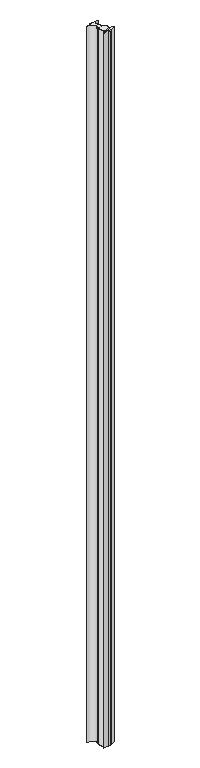
Revit family "KingswayGroup_CntnsHngs_Anti-LigatureContinuousSwingHinge", category Specialty Equipment, Revit 2020
Family settings
  Round Connector Dimension = Use Diameter
  Part Type = Normal
  Work Plane-Based = No
  Always vertical = No
  Cut with Voids When Loaded = No
  Shared = No
  Room Calculation Point = No
Parameters
  URL = "https://kingswaygroupglobal.com/"
  Model = ModelNumber  # "KG202"
  Length = 2200 mm
  WarrantyStartDate [instance] = "1900-12-31T23:59:59"
  WarrantyGuarantorParts = "sales@kingswaygroup.co.uk"
  WarrantyGuarantorLabor = "n/a"
  WarrantyDurationUnit = "year"
  WarrantyDurationParts = "5"
  WarrantyDurationLabor = "n/a"
  WarrantyDescription = "5-Year Guarantee *For faulty manufacture and not for damage"
  Version = "1"
  Uniclass2015Version = "Products v1.36"
  Uniclass2015Title = "Continuous hinges"
  Uniclass2015Code = "Pr_30_36_36_16"
  TagNumber [instance] = "n/a"
  SustainabilityPerformance = "n/a"
  Size = "60 x 2200 x 45 mm"
  Shape = "n/a"
  SerialNumber [instance] = "n/a"
  Revision = "n/a"
  ReplacementCost = "n/a"
  ProductInformation = "https://kingswaygroupglobal.com/product/anti-ligature-hinge-continuous-swing-hinge?noredirect=true"
  NominalWidth = 45 mm  # constant formula
  NominalLength = 60 mm  # constant formula
  NominalHeight = 2200 mm  # constant formula
  Name = "ContinuousHinges_Anti-LigatureContinuousSwingHinge_KG202_KingswayGroup"
  ModelReference = "Anti-Ligature Continuous SwingHinge"
  ModelNumber = "KG202"
  HingeMaterial = NBS_Concept
  Material = "For full range of available material, contact Kingsway Group"
  ManufacturerURL = "https://kingswaygroupglobal.com/"
  ManufacturerName = "Kingsway Group"  # constant formula
  Manufacturer = ManufacturerName  # "Kingsway Group"
  InstallationDate [instance] = "1900-12-31T23:59:59"
  IfcExportType = "USERDEFINED"  # constant formula
  IfcExportAs = "IfcDiscreteAccessoryType"  # constant formula
  Grade = "n/a"
  Finish = "For full range of available finishes and colours, contact Kingsway Group"
  Features = "The SwingHinge is a unique double action hinge that allows doors to swing 105° in both directions"
  ExpectedLife = "n/a"
  DurationUnit = "year"
  Description = "SwingHinge Continuous Hinge"
  Default Elevation = 0 mm
  Constituents = "n/a"
  Color = "For full range of available finishes and colours, contact Kingsway Group"
  CodePerformance = "n/a"
  Category = "Pr_30_36_36_16:Continuous hinges"
  BarCode [instance] = "n/a"
  BIMObjectName = "KingswayGroup_ContinuousHinges_Anti-LigatureContinuousSwingHinge"
  Author = "Kingsway Group"  # constant formula
  AssetType = "Fixed"
  AssetIdentifier [instance] = "n/a"
  AccessibilityPerformance = "n/a"
Reference planes
  plane 1 "Center (Front/Back)": y = 0
  plane 2: z = 0
  plane 3 "Center (Left/Right)": x = 0
  plane 4: z = 2200
Forms (mm)
  Extrusion 1, solid, material "NBS_Concept" <- "HingeMaterial"
    sketch origin (0, 0, 0) x (1, 0, 0) y (0, 1, 0)
      loop
        line (-31.941, -4.941) -> (-30, -4.941) -> (-30, -22.588)
        spline (-30, -22.588) -> (-27.306, -21.625) -> (-26.415, -19.595) -> (-26.287, -16.965) -> (-25.915, -14.19) -> (-24.868, -11.545) -> (-23.24, -9.139) -> (-21.143, -7.079) -> (-18.682, -5.47) -> (-15.808, -4.511) -> (-12.301, -4.498) -> (-7.929, -5.73) -> (-2.464, -8.51)
        spline (-2.464, -8.51) -> (-2.54, -8.065) -> (-2.528, -7.72) -> (-2.44, -7.47) -> (-2.288, -7.307) -> (-2.082, -7.225) -> (-1.836, -7.219) -> (-1.56, -7.281) -> (-1.267, -7.406) -> (-0.967, -7.586) -> (-0.674, -7.816) -> (-0.397, -8.089) -> (-0.151, -8.399)
        arc (-0.151, -8.399) -> (24.146, 0) -> (-0.151, 8.399) r 13.6
        spline (-0.151, 8.399) -> (-0.397, 8.089) -> (-0.674, 7.816) -> (-0.967, 7.586) -> (-1.267, 7.406) -> (-1.56, 7.281) -> (-1.836, 7.219) -> (-2.082, 7.225) -> (-2.288, 7.307) -> (-2.44, 7.47) -> (-2.528, 7.72) -> (-2.54, 8.065) -> (-2.464, 8.51)
        spline (-2.464, 8.51) -> (-7.929, 5.73) -> (-12.301, 4.498) -> (-15.808, 4.511) -> (-18.682, 5.47) -> (-21.143, 7.079) -> (-23.24, 9.139) -> (-24.868, 11.545) -> (-25.915, 14.19) -> (-26.287, 16.965) -> (-26.415, 19.595) -> (-27.306, 21.625) -> (-30, 22.588)
        line (-30, 22.588) -> (-30, 4.941) -> (-31.941, 4.941) -> (-31.941, -4.941)
    from 0 to 2200
  Extrusion 2, solid, material "NBS_Concept" <- "HingeMaterial"
    sketch origin (22.252, 0, 0) x (1, 0, 0) y (0, 1, 0)
      loop
        arc (9.866, 4.334) -> (9.689, 4.763) -> (9.26, 4.941) r 0.607
        line (9.26, 4.941) -> (8.242, 4.941)
        arc (8.242, 4.941) -> (7.89, 5.121) -> (7.748, 5.49) r 0.552
        line (7.748, 5.49) -> (7.748, 21.337)
        spline (7.748, 21.337) -> (7.423, 21.596) -> (6.874, 21.54) -> (6.147, 21.191) -> (5.288, 20.568) -> (4.344, 19.69) -> (3.36, 18.578) -> (2.383, 17.251) -> (1.46, 15.729) -> (0.636, 14.033) -> (-0.042, 12.181) -> (-0.528, 10.194) -> (-0.776, 8.092)
        arc (-0.776, 8.092) -> (1.894, 0) -> (-0.776, -8.092) r 13.6
        spline (-0.776, -8.092) -> (-0.528, -10.194) -> (-0.042, -12.181) -> (0.636, -14.033) -> (1.46, -15.729) -> (2.383, -17.251) -> (3.36, -18.578) -> (4.344, -19.69) -> (5.288, -20.568) -> (6.147, -21.191) -> (6.874, -21.54) -> (7.423, -21.596) -> (7.748, -21.337)
        line (7.748, -21.337) -> (7.748, -5.49)
        arc (7.748, -5.49) -> (7.89, -5.121) -> (8.242, -4.941) r 0.552
        line (8.242, -4.941) -> (9.26, -4.941)
        arc (9.26, -4.941) -> (9.689, -4.763) -> (9.866, -4.334) r 0.607
        line (9.866, -4.334) -> (9.866, 4.334)
    from 0 to 2200
Dimensions and locks
  "Length": plane 4 to level
  aligned and locked: level to plane 2
  aligned and locked: plane 4 to Extrusion 1
  aligned and locked: Extrusion 1 to level
  aligned and locked: plane 4 to Extrusion 2
Automatic sketch dimensions
  plane 1 "Center (Front/Back)" to Extrusion 1 sketch curve = 0 mm
  plane 1 "Center (Front/Back)" to Extrusion 1 sketch curve = 4.941 mm
  Extrusion 1 sketch curve to plane 3 "Center (Left/Right)" = 31.941 mm
  Extrusion 1 sketch curve to Extrusion 1 sketch curve = 1.941 mm  (x2)
  Extrusion 1 sketch curve to plane 3 "Center (Left/Right)" = 2.464 mm  (x2)
  Extrusion 1 sketch curve to plane 3 "Center (Left/Right)" = 0.151 mm  (x2)
  plane 3 "Center (Left/Right)" to Extrusion 1 sketch curve = 10.546 mm
  plane 1 "Center (Front/Back)" to Extrusion 1 sketch curve = 8.399 mm
  Extrusion 1 sketch curve to Extrusion 1 sketch curve = 0.111 mm  (x2)
  Extrusion 1 sketch curve to Extrusion 1 sketch curve = 17.647 mm  (x2)
  Extrusion 1 sketch curve to plane 1 "Center (Front/Back)" = 4.941 mm
  plane 1 "Center (Front/Back)" to Extrusion 2 sketch curve = 0 mm
  plane 3 "Center (Left/Right)" to Extrusion 2 sketch curve = 10.546 mm
  Extrusion 2 sketch curve to plane 1 "Center (Front/Back)" = 8.092 mm
  Extrusion 2 sketch curve to Extrusion 2 sketch curve = 10.93 mm
  Extrusion 2 sketch curve to Extrusion 2 sketch curve = 8.524 mm
  Extrusion 2 sketch curve to Extrusion 2 sketch curve = 0 mm
  Extrusion 2 sketch curve to Extrusion 2 sketch curve = 0.494 mm  (x2)
  Extrusion 2 sketch curve to Extrusion 2 sketch curve = 0.058 mm  (x2)
  Extrusion 2 sketch curve to Extrusion 2 sketch curve = 1.016 mm  (x2)
  Extrusion 2 sketch curve to Extrusion 2 sketch curve = 0.002 mm  (x2)
  Extrusion 2 sketch curve to Extrusion 2 sketch curve = 0.607 mm
  plane 1 "Center (Front/Back)" to Extrusion 2 sketch curve = 4.334 mm
  Extrusion 2 sketch curve to Extrusion 2 sketch curve = 15.847 mm
  Extrusion 2 sketch curve to plane 1 "Center (Front/Back)" = 4.334 mm
  Extrusion 2 sketch curve to Extrusion 2 sketch curve = 13.245 mm
  plane 1 "Center (Front/Back)" to Extrusion 2 sketch curve = 8.092 mm
